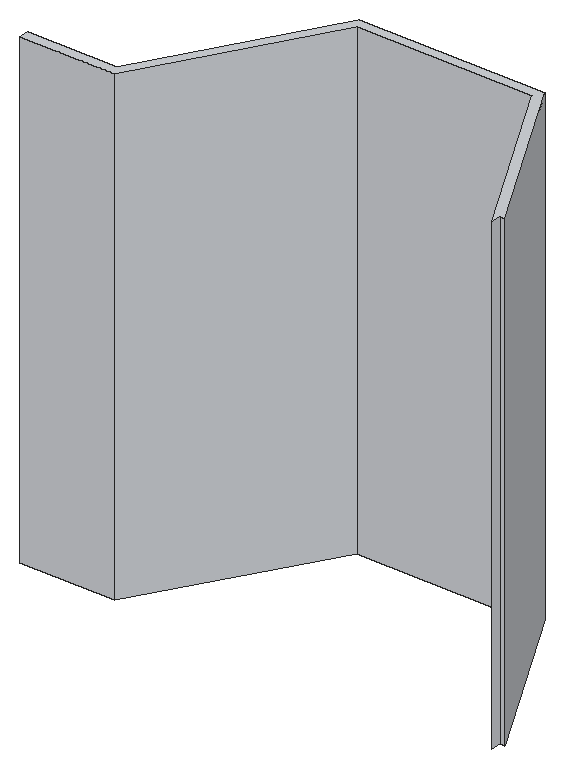
Revit family "test_SP", category Structural Foundations, Revit 2020
Family settings
  Material for Model Behavior = Other
  Cap = No
  Work Plane-Based = No
  Always vertical = Yes
  Cut with Voids When Loaded = No
  Shared = Yes
Parameters
  Diepte [instance] = -250 mm
  Default Elevation = 0 mm
Reference planes
  plane 1 "Center (Front/Back)": y = 0
  plane 2: z = 0
  plane 3 "Center (Left/Right)": x = 0
Forms (mm)
  Extrusion 1, solid, detail levels medium+fine
    sketch origin (0, 0, 0) x (1, 0, 0) y (0, 1, 0)
      loop
        line (0, 0) -> (100, 0) -> (207.5, 186.195) -> (392.5, 186.195) -> (500, 0) -> (500, 10) -> (505.774, 10) -> (398.274, 196.195) -> (201.726, 196.195) -> (94.226, 10) -> (0, 10) -> (0, 0)
    from -250 <- "Diepte" to 250
Lines and regions (mm)
  model lines, detail levels coarse
    curve 1: line (0, 0, 0) -> (100, 0, 0)
    curve 2: line (500, 0, 0) -> (392.5, 186.195, 0)
    curve 3: line (392.5, 186.195, 0) -> (207.5, 186.195, 0)
    curve 4: line (100, 0, 0) -> (207.5, 186.195, 0)
Dimensions and locks
  aligned and locked: level to plane 2
